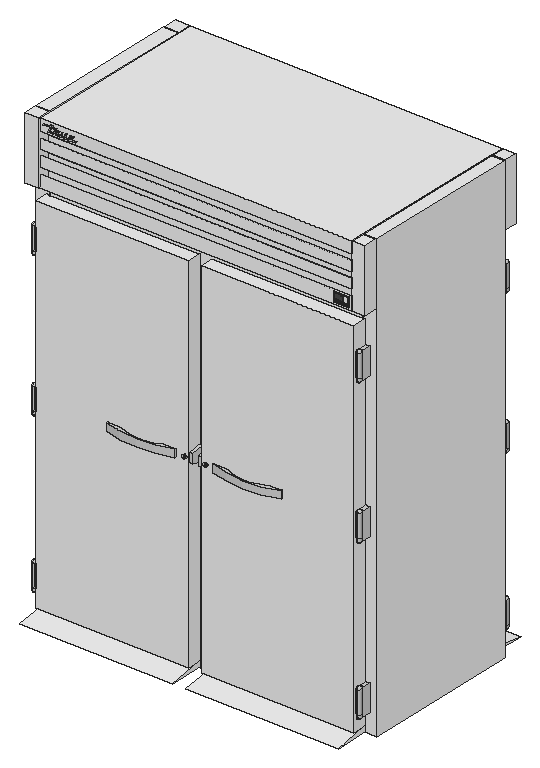
Revit family
Parameters
  Weight in Pounds = 0
  Watts = Volts * FL Amps  # 1092.5 W
  Volts = 115 V
  URL Cutsheet = "www.truemfg.com"
  URL = "www.truemfg.com"
  Type Mark [instance] = ""
  Type Comments = ""
  Status [instance] = ""
  Specification by User [instance] = ""
  Specification by Manufacturer = ""
  Show Logo [instance] = yes
  Show Clearance [instance] = yes
  Serial Number = ""
  Seismic Rating = ""
  SMACNA No = ""
  Revision Code [instance] = ""
  Phase = 1
  Omniclass Number and Title = ""
  Number of Poles [instance] = 1
  NAFEM Spec ID Number = ""
  Model = "STA2RRT89-2S-2S"
  Min Ckt Ampacity = 0 A
  Max Overcurrent Protection = 0 A
  Masterspec = ""
  Manufacturer = "TRUE FOOD SERVICE EQUIPMENT, INC."
  Length = 68"
  Item Number [instance] = ""
  Installed By [instance] = ""
  Identify Quantity as Lot [instance] = yes
  Height = 88 3/4"
  HP = "1/2"
  Furnished By [instance] = ""
  Foodservice Equipment Identifier [instance] = yes
  FL Amps = 9.5 A
  Electrical Remarks [instance] = ""
  Electric Connection Type [instance] = ""
  Elec Conn RI Height [instance] = 0"
  Elec Conn Connection Height [instance] = 0"
  Description = "Roll-thru Solid Swing Door Refrigerator"
  Depth = 37 1/2"
  Cycle = 60 Hz
  Conn Plug = "5-15P"
  Conn Conduit = yes
  CSI MasterFormat = ""
  CSI Master Format = ""
  Apparent Power = if(Phase = 3, Volts * FL Amps * 1.73, Volts * FL Amps)  # 1092.5 VA
Reference planes (in)
  plane 1 "BACK": y = 0
  plane 2: z = 0
  plane 3 "LEFT": x = 0
  plane 4 "RIGHT": x = 68
  plane 5 "FRONT": y = -37.5
  plane 6 "TOP": z = 88.75
  plane 7: x = 2.84375
  plane 8: y = -18.75
  plane 9: z = 73.75
  plane 10: y = -37.4542
  plane 11: y = -0.0458
  plane 12: x = 34
Forms (in)
  Extrusion 1, solid, material "QF_Finishes_Chrome - Satin"
    sketch origin (0.05, 0, 0) x (1, 0, 0) y (0, 1, 0)
      loop
        line (-0.05, -2.75) -> (-0.05, -34.75) -> (2.87859, -34.75) -> (2.87859, -2.75) -> (-0.05, -2.75)
    from 0 to 88.75
  Extrusion 2, solid, material "QF_Finishes_Chrome - Satin"
    sketch origin (83.15, 0, 0) x (1, 0, 0) y (0, 1, 0)
      loop
        line (-17.85, -2.75) -> (-17.85, -34.75) -> (-15.15, -34.75) -> (-15.15, -2.75) -> (-17.85, -2.75)
    from 0 to 88.75
  Extrusion 3, solid, material "QF_Finishes_Chrome - Satin"
    sketch origin (0, 0, 0) x (0, 1, 0) y (0, 0, 1)
      loop
        line (-37.4542, 76.28125) -> (-34.75, 76.28125) -> (-34.75, 0) -> (-2.75, 0) -> (-2.75, 76.28125) -> (-0.0458, 76.28125) -> (-0.0458, 78.81726) -> (-2.25, 77.25) -> (-2.25, 78.52557) -> (-0.0458, 80.09284) -> (-0.0458, 82.18904) -> (-2.25, 80.62178) -> (-2.25, 81.58254) -> (-0.0458, 83.1498) -> (-0.0458, 85.28351) -> (-2.25, 83.71625) -> (-2.25, 84.83852) -> (-0.0458, 86.40578) -> (-0.0458, 88.75) -> (-37.4542, 88.75) -> (-37.4542, 86.40578) -> (-35.25, 84.83852) -> (-35.25, 83.71625) -> (-37.4542, 85.28351) -> (-37.4542, 83.1498) -> (-35.25, 81.58254) -> (-35.25, 80.62178) -> (-37.4542, 82.18904) -> (-37.4542, 80.09284) -> (-35.25, 78.52557) -> (-35.25, 77.25) -> (-37.4542, 78.81726) -> (-37.4542, 76.28125)
    from 2.92859 to 65.3
  Extrusion 4, solid, material "QF_Finishes_Chrome - Satin"
    sketch origin (33, 0, 0) x (1, 0, 0) y (0, 1, 0)
      loop
        line (34.84782, -34.75) -> (32.3, -34.75) -> (32.3, -37.5) -> (34.84782, -37.5) -> (34.84782, -34.75)
      loop
        line (34.84782, -2.75) -> (34.84782, 0) -> (32.3, 0) -> (32.3, -2.75) -> (34.84782, -2.75)
    from 76.28125 to 88.75
  Extrusion 5, solid, material "QF_Finishes_Chrome - Satin"
    sketch origin (-50.125, 0, 0.25) x (1, 0, 0) y (0, 1, 0)
      loop
        line (53.05359, -34.75) -> (50.24109, -34.75) -> (50.24109, -37.5) -> (53.05359, -37.5) -> (53.05359, -34.75)
      loop
        line (53.05359, -2.75) -> (53.05359, 0) -> (50.24109, 0) -> (50.24109, -2.75) -> (53.05359, -2.75)
    from 76.03125 to 88.5
  Extrusion 6, solid, material "QF_Finishes_Chrome - Satin"
    sketch origin (-24.96875, -3.75, -0.71875) x (1, 0, 0) y (0, 0, 1)
      loop
        line (27.25, 1.71875) -> (57.65625, 1.71875) -> (57.65625, 74.46875) -> (27.25, 74.46875) -> (27.25, 1.71875)
      loop
        line (90.6875, 1.71875) -> (90.6875, 74.46875) -> (60.28125, 74.46875) -> (60.28125, 1.71875) -> (90.6875, 1.71875)
    from 31 to 33.75
  Extrusion 7, solid, material "QF_Finishes_Handrails and Railings"
    sketch origin (91.65625, -0.25, 26.93519) x (1, 0, 0) y (0, 1, 0)
      loop
        line (-53.875, -37.25) -> (-53.875, -37.45)
        arc (-53.875, -37.45) -> (-47.075, -38.65633) -> (-40.275, -37.45) r 19.7687
        line (-40.275, -37.45) -> (-40.275, -37.25) -> (-42.675, -37.25)
        arc (-42.675, -37.25) -> (-47.075, -38.40816) -> (-51.475, -37.25) r 8.93713
        line (-51.475, -37.25) -> (-53.875, -37.25)
    from 10.87731 to 12.37731
  Extrusion 8, solid, material "QF_Finishes_Handrails and Railings"
    sketch origin (9.65625, -3.83467, -1.5) x (1, 0, 0) y (0, 0, 1)
      loop
        circle (26.4375, 40.0625) r 0.35
      loop
        line (26.47265, 40.33635) -> (26.41715, 40.33635) -> (26.41715, 39.76895) -> (26.47265, 39.76895) -> (26.47265, 40.33635)
    from 33.5 to 33.83066
  Extrusion 9, solid, material "QF_Finishes_Handrails and Railings", visible <- "Show Logo"
    sketch origin (0.33478, -2.68623, 5.01857) x (1, 0, 0) y (0, 0, 1)
      loop
        line (3.46044, 83.08731) -> (3.35478, 82.86073) -> (4.76027, 82.86073)
        arc (4.76027, 82.86073) -> (4.78879, 82.81028) -> (4.76027, 82.75984) r 0.05887
        line (4.76027, 82.75984) -> (4.39369, 81.97372)
        arc (4.39369, 81.97372) -> (4.39051, 81.90091) -> (4.43975, 81.84717) r 0.09523
        line (4.43975, 81.84717) -> (5.33844, 81.84717)
        arc (5.33844, 81.84717) -> (5.45192, 81.88295) -> (5.52436, 81.97735) r 0.19785
        line (5.52436, 81.97735) -> (5.81285, 82.59601) -> (6.0779, 82.59601)
        arc (6.0779, 82.59601) -> (6.14744, 82.57043) -> (6.13737, 82.49703) r 0.05911
        line (6.13737, 82.49703) -> (5.89598, 81.97937)
        arc (5.89598, 81.97937) -> (5.89974, 81.8934) -> (5.97231, 81.84717) r 0.09318
        line (5.97231, 81.84717) -> (6.76198, 81.84717)
        arc (6.76198, 81.84717) -> (6.82249, 81.86919) -> (6.85468, 81.92495) r 0.09412
        arc (6.85468, 81.92495) -> (6.87746, 81.86995) -> (6.93246, 81.84717) r 0.07778
        line (6.93246, 81.84717) -> (7.43246, 81.84717)
        arc (7.43246, 81.84717) -> (7.49022, 81.86265) -> (7.53251, 81.90493) r 0.11552
        arc (7.53251, 81.90493) -> (7.55275, 81.85606) -> (7.60162, 81.83581) r 0.06912
        line (7.60162, 81.83581) -> (8.31225, 81.83581)
        arc (8.31225, 81.83581) -> (8.37034, 81.85988) -> (8.39441, 81.91797) r 0.08216
        arc (8.39441, 81.91797) -> (8.44767, 81.86472) -> (8.52042, 81.84522) r 0.14551
        line (8.52042, 81.84522) -> (9.85158, 81.84522) -> (9.99946, 82.10134) -> (8.65678, 82.10134)
        arc (8.65678, 82.10134) -> (8.61972, 82.12704) -> (8.61834, 82.17211) r 0.05009
        line (8.61834, 82.17211) -> (8.64157, 82.22192)
        arc (8.64157, 82.22192) -> (8.67723, 82.26864) -> (8.73327, 82.28635) r 0.09747
        line (8.73327, 82.28635) -> (9.16485, 82.28635)
        arc (9.16485, 82.28635) -> (9.258, 82.31131) -> (9.32619, 82.3795) r 0.1863
        line (9.32619, 82.3795) -> (9.45119, 82.59601)
        arc (9.45119, 82.59601) -> (9.45119, 82.71157) -> (9.35111, 82.76934) r 0.11556
        line (9.35111, 82.76934) -> (8.89562, 82.76934)
        arc (8.89562, 82.76934) -> (8.7795, 82.74962) -> (8.69849, 82.66412) r 0.18605
        line (8.69849, 82.66412) -> (8.48204, 82.19993)
        arc (8.48204, 82.19993) -> (8.41815, 82.11667) -> (8.31806, 82.08511) r 0.1745
        line (8.31806, 82.08511) -> (7.84559, 82.08511)
        arc (7.84559, 82.08511) -> (7.78903, 82.14684) -> (7.79268, 82.23048) r 0.10939
        line (7.79268, 82.23048) -> (8.04395, 82.76934) -> (7.88403, 82.76934) -> (7.61781, 82.19844)
        arc (7.61781, 82.19844) -> (7.56609, 82.13103) -> (7.48505, 82.10548) r 0.14128
        line (7.48505, 82.10548) -> (7.15925, 82.10548)
        arc (7.15925, 82.10548) -> (7.10419, 82.17723) -> (7.116, 82.26689) r 0.11816
        line (7.116, 82.26689) -> (7.3503, 82.76934) -> (7.18514, 82.76934) -> (6.91546, 82.191)
        arc (6.91546, 82.191) -> (6.85285, 82.12839) -> (6.76733, 82.10548) r 0.17104
        line (6.76733, 82.10548) -> (6.29555, 82.10548)
        arc (6.29555, 82.10548) -> (6.21082, 82.14499) -> (6.20267, 82.23813) r 0.0935
        line (6.20267, 82.23813) -> (6.35774, 82.57069) -> (6.57695, 82.57069)
        arc (6.57695, 82.57069) -> (6.61395, 82.68217) -> (6.69267, 82.76934) r 0.2857
        line (6.69267, 82.76934) -> (5.83605, 82.76934)
        arc (5.83605, 82.76934) -> (5.74086, 82.74824) -> (5.67498, 82.67635) r 0.16212
        line (5.67498, 82.67635) -> (5.44279, 82.17841)
        arc (5.44279, 82.17841) -> (5.3894, 82.12502) -> (5.31647, 82.10548) r 0.14586
        line (5.31647, 82.10548) -> (4.80506, 82.10548)
        arc (4.80506, 82.10548) -> (4.76514, 82.15942) -> (4.77274, 82.22609) r 0.09155
        line (4.77274, 82.22609) -> (5.11018, 82.86073) -> (5.96155, 82.86073) -> (6.06721, 83.08731) -> (5.21584, 83.08731) -> (5.32149, 83.31388) -> (5.01862, 83.31388) -> (4.91297, 83.08731) -> (3.46044, 83.08731)
      loop
        arc (8.83805, 82.56363) -> (8.80119, 82.55375) -> (8.7742, 82.52676) r 0.07373
        line (8.7742, 82.52676) -> (8.75229, 82.45936)
        arc (8.75229, 82.45936) -> (8.76245, 82.43483) -> (8.78699, 82.42466) r 0.0347
        line (8.78699, 82.42466) -> (9.15948, 82.42466)
        arc (9.15948, 82.42466) -> (9.18632, 82.43061) -> (9.20812, 82.44734) r 0.0635
        line (9.20812, 82.44734) -> (9.22624, 82.53122)
        arc (9.22624, 82.53122) -> (9.22091, 82.55368) -> (9.20009, 82.56363) r 0.02676
        line (9.20009, 82.56363) -> (8.83805, 82.56363)
    from 34.76797 to 34.83173
  Extrusion 10, solid, material "QF_Finishes_White"
    sketch origin (10.81438, -2.7042, -7.94372) x (1, 0, 0) y (0, 0, 1)
      loop
        line (50.81732, 86.35727) -> (50.81732, 84.60996) -> (53.72357, 84.60996) -> (53.72357, 86.35727) -> (50.81732, 86.35727)
    from 34.75 to 34.76797
  Extrusion 11, solid, material "QF_Finishes_Black"
    sketch origin (10.81438, -2.7042, -7.94372) x (1, 0, 0) y (0, 0, 1)
      loop
        line (53.78607, 86.41977) -> (50.75482, 86.41977) -> (50.75482, 84.54746) -> (53.78607, 84.54746) -> (53.78607, 86.41977)
      loop
        spline (50.95482, 84.87872) -> (50.96333, 84.86254) -> (50.98831, 84.84747) -> (51.02804, 84.83452) -> (51.07982, 84.82459) -> (51.14011, 84.81835) -> (51.20482, 84.81622) -> (51.26952, 84.81835) -> (51.32982, 84.82459) -> (51.38159, 84.83452) -> (51.42132, 84.84747) -> (51.4463, 84.86254) -> (51.45482, 84.87872)
        spline (51.45482, 84.87872) -> (51.4463, 84.89489) -> (51.42132, 84.90997) -> (51.38159, 84.92291) -> (51.32982, 84.93284) -> (51.26952, 84.93909) -> (51.20482, 84.94122) -> (51.14011, 84.93909) -> (51.07982, 84.93284) -> (51.02804, 84.92291) -> (50.98831, 84.90997) -> (50.96333, 84.89489) -> (50.95482, 84.87872)
      loop
        spline (51.65083, 84.87872) -> (51.65935, 84.86254) -> (51.68432, 84.84747) -> (51.72405, 84.83452) -> (51.77583, 84.82459) -> (51.83612, 84.81835) -> (51.90083, 84.81622) -> (51.96553, 84.81835) -> (52.02583, 84.82459) -> (52.07761, 84.83452) -> (52.11734, 84.84747) -> (52.14231, 84.86254) -> (52.15083, 84.87872)
        spline (52.15083, 84.87872) -> (52.14231, 84.89489) -> (52.11734, 84.90997) -> (52.07761, 84.92291) -> (52.02583, 84.93284) -> (51.96553, 84.93909) -> (51.90083, 84.94122) -> (51.83612, 84.93909) -> (51.77583, 84.93284) -> (51.72405, 84.92291) -> (51.68432, 84.90997) -> (51.65935, 84.89489) -> (51.65083, 84.87872)
      loop
        spline (52.40083, 84.87872) -> (52.40935, 84.86254) -> (52.43432, 84.84747) -> (52.47405, 84.83452) -> (52.52583, 84.82459) -> (52.58612, 84.81835) -> (52.65083, 84.81622) -> (52.71553, 84.81835) -> (52.77583, 84.82459) -> (52.82761, 84.83452) -> (52.86734, 84.84747) -> (52.89231, 84.86254) -> (52.90083, 84.87872)
        spline (52.90083, 84.87872) -> (52.89231, 84.89489) -> (52.86734, 84.90997) -> (52.82761, 84.92291) -> (52.77583, 84.93284) -> (52.71553, 84.93909) -> (52.65083, 84.94122) -> (52.58612, 84.93909) -> (52.52583, 84.93284) -> (52.47405, 84.92291) -> (52.43432, 84.90997) -> (52.40935, 84.89489) -> (52.40083, 84.87872)
      loop
        line (50.95481, 86.21978) -> (50.95481, 85.21978) -> (52.65433, 85.21978) -> (52.65433, 86.21978) -> (50.95481, 86.21978)
      loop
        line (53.72357, 86.35727) -> (50.81732, 86.35727) -> (50.81732, 84.60996) -> (53.72357, 84.60996) -> (53.72357, 86.35727)
      loop
        spline (53.15083, 84.87872) -> (53.15935, 84.86254) -> (53.18432, 84.84747) -> (53.22405, 84.83452) -> (53.27583, 84.82459) -> (53.33612, 84.81835) -> (53.40083, 84.81622) -> (53.46553, 84.81835) -> (53.52583, 84.82459) -> (53.57761, 84.83452) -> (53.61734, 84.84747) -> (53.64231, 84.86254) -> (53.65083, 84.87872)
        spline (53.65083, 84.87872) -> (53.64231, 84.89489) -> (53.61734, 84.90997) -> (53.57761, 84.92291) -> (53.52583, 84.93284) -> (53.46553, 84.93909) -> (53.40083, 84.94122) -> (53.33612, 84.93909) -> (53.27583, 84.93284) -> (53.22405, 84.92291) -> (53.18432, 84.90997) -> (53.15935, 84.89489) -> (53.15083, 84.87872)
    from 34.76797 to 34.80335
  Extrusion 12, solid
    sketch origin (9.125, 0, 0) x (1, 0, 0) y (0, 0, 1)
      loop
        circle (56.875, 86.625) r 0.25
    from 0 to 0.0625
  Blend 13, solid, material "QF_Finishes_Handrails and Railings"
    base sketch origin (60.5625, -3.75, 0.5) x (-1, 0, 0) y (0, 0, -1)
      loop
        line (25.25, -38.99169) -> (26, -38.99169) -> (26, -37.24169) -> (25.25, -37.24169) -> (25.25, -38.99169)
    top sketch origin (60.5625, 0, 0.5) x (-1, 0, 0) y (0, 0, -1)
      loop
        line (26.18223, -36.6441) -> (25.25, -36.6441) -> (25.25, -39.42643) -> (26.18223, -39.42643) -> (26.18223, -36.6441)
    from 33.57883 to 34.75
  Extrusion 14, solid, material "QF_Finishes_Handrails and Railings"
    sketch origin (66.8125, 0, 0) x (0, 1, 0) y (0, 0, -1)
      loop
        line (-34.75, -69.17729) -> (-34.75, -63.86127) -> (-37, -63.86127) -> (-37, -64.57348) -> (-36.56497, -64.57348) -> (-36.56497, -68.97276)
        arc (-36.56497, -68.97276) -> (-36.50506, -69.11738) -> (-36.36044, -69.17729) r 0.20453
        line (-36.36044, -69.17729) -> (-34.75, -69.17729)
    from 0.17506 to 1
  Revolve 15, solid, material "QF_Finishes_Handrails and Railings"
    sketch origin (66.3125, 0, 0) x (0, 1, 0) y (0, 0, -1)
      loop
        line (-37.01563, -64.62689) -> (-37.42229, -64.62689) -> (-37.42229, -69.0986)
        arc (-37.42229, -69.0986) -> (-37.28722, -69.35057) -> (-37.01563, -69.43983) r 0.3848
        line (-37.01563, -69.43983) -> (-37.01563, -64.62689)
      loop
        line (-37.01563, -64.57348) -> (-37.01563, -63.67281)
        arc (-37.01563, -63.67281) -> (-37.28264, -63.75883) -> (-37.42229, -64.00212) r 0.38884
        line (-37.42229, -64.00212) -> (-37.42229, -64.57348) -> (-37.01563, -64.57348)
      axis (-37.01563, -63.67281) -> (-37.01563, -69.43983)
    angle from 0 to 360
  Extrusion 16, solid, material "QF_Finishes_Handrails and Railings"
    sketch origin (60.53125, -3.82734, 0.0011) x (-1, 0, 0) y (0, 0, -1)
      loop
        line (-5.58509, -69.0986) -> (-5.1875, -69.0986) -> (-5.1875, -64.62579) -> (-5.58509, -64.62579) -> (-5.58509, -69.0986)
    from 32.81497 to 33.59495
  Extrusion 17, solid, material "QF_Finishes_Handrails and Railings"
    sketch origin (66.8125, 0, -24) x (0, 1, 0) y (0, 0, -1)
      loop
        line (-34.75, -64.55229) -> (-34.75, -59.23627) -> (-37, -59.23627) -> (-37, -59.94848) -> (-36.56497, -59.94848) -> (-36.56497, -64.34776)
        arc (-36.56497, -64.34776) -> (-36.50506, -64.49238) -> (-36.36044, -64.55229) r 0.20453
        line (-36.36044, -64.55229) -> (-34.75, -64.55229)
    from 0.17506 to 1
  Revolve 18, solid, material "QF_Finishes_Handrails and Railings"
    sketch origin (66.3125, 0, -24) x (0, 1, 0) y (0, 0, -1)
      loop
        line (-37.01563, -60.00189) -> (-37.42229, -60.00189) -> (-37.42229, -64.4736)
        arc (-37.42229, -64.4736) -> (-37.28722, -64.72557) -> (-37.01563, -64.81483) r 0.3848
        line (-37.01563, -64.81483) -> (-37.01563, -60.00189)
      loop
        line (-37.01563, -59.94848) -> (-37.01563, -59.04781)
        arc (-37.01563, -59.04781) -> (-37.28264, -59.13383) -> (-37.42229, -59.37712) r 0.38884
        line (-37.42229, -59.37712) -> (-37.42229, -59.94848) -> (-37.01563, -59.94848)
      axis (-37.01563, -59.04781) -> (-37.01563, -64.81483)
    angle from 0 to 360
  Extrusion 19, solid, material "QF_Finishes_Handrails and Railings"
    sketch origin (60.53125, -3.82734, -23.9989) x (-1, 0, 0) y (0, 0, -1)
      loop
        line (-5.58509, -64.4736) -> (-5.1875, -64.4736) -> (-5.1875, -60.00079) -> (-5.58509, -60.00079) -> (-5.58509, -64.4736)
    from 32.81497 to 33.59495
  Extrusion 20, solid, material "QF_Finishes_Handrails and Railings"
    sketch origin (66.8125, 0, -55.5) x (0, 1, 0) y (0, 0, -1)
      loop
        line (-34.75, -64.55229) -> (-34.75, -59.23627) -> (-37, -59.23627) -> (-37, -59.94848) -> (-36.56497, -59.94848) -> (-36.56497, -64.34776)
        arc (-36.56497, -64.34776) -> (-36.50506, -64.49238) -> (-36.36044, -64.55229) r 0.20453
        line (-36.36044, -64.55229) -> (-34.75, -64.55229)
    from 0.17506 to 1
  Revolve 21, solid, material "QF_Finishes_Handrails and Railings"
    sketch origin (66.3125, 0, -55.5) x (0, 1, 0) y (0, 0, -1)
      loop
        line (-37.01563, -60.00189) -> (-37.42229, -60.00189) -> (-37.42229, -64.4736)
        arc (-37.42229, -64.4736) -> (-37.28722, -64.72557) -> (-37.01563, -64.81483) r 0.3848
        line (-37.01563, -64.81483) -> (-37.01563, -60.00189)
      loop
        line (-37.01563, -59.94848) -> (-37.01563, -59.04781)
        arc (-37.01563, -59.04781) -> (-37.28264, -59.13383) -> (-37.42229, -59.37712) r 0.38884
        line (-37.42229, -59.37712) -> (-37.42229, -59.94848) -> (-37.01563, -59.94848)
      axis (-37.01563, -59.04781) -> (-37.01563, -64.81483)
    angle from 0 to 360
  Extrusion 22, solid, material "QF_Finishes_Handrails and Railings"
    sketch origin (60.53125, -3.82734, -55.4989) x (-1, 0, 0) y (0, 0, -1)
      loop
        line (-5.58509, -64.4736) -> (-5.1875, -64.4736) -> (-5.1875, -60.00079) -> (-5.58509, -60.00079) -> (-5.58509, -64.4736)
    from 32.81497 to 33.59495
  Extrusion 23, solid, material "QF_Finishes_Door Clearance", visible <- "Show Clearance", detail levels coarse
    sketch origin (26.42841, -3.6098, 0) x (1, 0, 0) y (0, 1, 0)
      loop
        line (-24.14716, -33.8902) -> (-24.14716, -64.29645)
        arc (-24.14716, -64.29645) -> (-2.64669, -55.39067) -> (6.25909, -33.8902) r 30.40625
        line (6.25909, -33.8902) -> (-24.14716, -33.8902)
      loop
        line (39.29034, -33.8902) -> (8.88409, -33.8902)
        arc (8.88409, -33.8902) -> (17.78987, -55.39067) -> (39.29034, -64.29645) r 30.40625
        line (39.29034, -64.29645) -> (39.29034, -33.8902)
    from 1 to 73.75
  Extrusion 24, solid, material "QF_Finishes_Chrome - Satin"
    sketch origin (32.6875, -3.75, 1) x (0, 0, 1) y (0, -1, 0)
      loop
        line (-1, 37.6875) -> (-1, 31) -> (0, 31) -> (-1, 37.6875)
    from 0 to -30.40625
  Extrusion 25, solid, material "QF_Finishes_Handrails and Railings"
    sketch origin (-23.65625, -0.25, 26.93519) x (1, 0, 0) y (0, 1, 0)
      loop
        line (53.875, -37.25) -> (51.475, -37.25)
        arc (51.475, -37.25) -> (47.075, -38.40816) -> (42.675, -37.25) r 8.93713
        line (42.675, -37.25) -> (40.275, -37.25) -> (40.275, -37.45)
        arc (40.275, -37.45) -> (47.075, -38.65633) -> (53.875, -37.45) r 19.7687
        line (53.875, -37.45) -> (53.875, -37.25)
    from 10.87731 to 12.37731
  Extrusion 26, solid, material "QF_Finishes_Handrails and Railings"
    sketch origin (58.34375, -3.83467, -1.5) x (-1, 0, 0) y (0, 0, -1)
      loop
        circle (26.4375, -40.0625) r 0.35
      loop
        line (26.47265, -40.33635) -> (26.47265, -39.76895) -> (26.41715, -39.76895) -> (26.41715, -40.33635) -> (26.47265, -40.33635)
    from 33.5 to 33.83066
  Blend 27, solid, material "QF_Finishes_Handrails and Railings"
    base sketch origin (7.4375, -3.75, 0.5) x (1, 0, 0) y (0, 0, 1)
      loop
        line (25.25, 38.99169) -> (25.25, 37.24169) -> (26, 37.24169) -> (26, 38.99169) -> (25.25, 38.99169)
    top sketch origin (7.4375, 0, 0.5) x (1, 0, 0) y (0, 0, 1)
      loop
        line (26.18223, 36.6441) -> (26.18223, 39.42643) -> (25.25, 39.42643) -> (25.25, 36.6441) -> (26.18223, 36.6441)
    from 33.57883 to 34.75
  Extrusion 28, solid, material "QF_Finishes_Handrails and Railings"
    sketch origin (1.1875, 0, 0) x (0, 1, 0) y (0, 0, 1)
      loop
        line (-34.75, 69.17729) -> (-36.36044, 69.17729)
        arc (-36.36044, 69.17729) -> (-36.50506, 69.11738) -> (-36.56497, 68.97276) r 0.20453
        line (-36.56497, 68.97276) -> (-36.56497, 64.57348) -> (-37, 64.57348) -> (-37, 63.86127) -> (-34.75, 63.86127) -> (-34.75, 69.17729)
    from 0.17506 to 1
  Revolve 29, solid, material "QF_Finishes_Handrails and Railings"
    sketch origin (1.6875, 0, 0) x (0, 1, 0) y (0, 0, 1)
      loop
        line (-37.01563, 64.62689) -> (-37.01563, 69.43983)
        arc (-37.01563, 69.43983) -> (-37.28722, 69.35057) -> (-37.42229, 69.0986) r 0.3848
        line (-37.42229, 69.0986) -> (-37.42229, 64.62689) -> (-37.01563, 64.62689)
      loop
        line (-37.01563, 64.57348) -> (-37.42229, 64.57348) -> (-37.42229, 64.00212)
        arc (-37.42229, 64.00212) -> (-37.28264, 63.75883) -> (-37.01563, 63.67281) r 0.38884
        line (-37.01563, 63.67281) -> (-37.01563, 64.57348)
      axis (-37.01563, 63.67281) -> (-37.01563, 69.43983)
    angle from 0 to 360
  Extrusion 30, solid, material "QF_Finishes_Handrails and Railings"
    sketch origin (7.46875, -3.82734, 0.0011) x (1, 0, 0) y (0, 0, 1)
      loop
        line (-5.58509, 69.0986) -> (-5.58509, 64.62579) -> (-5.1875, 64.62579) -> (-5.1875, 69.0986) -> (-5.58509, 69.0986)
    from 32.81497 to 33.59495
  Extrusion 31, solid, material "QF_Finishes_Handrails and Railings"
    sketch origin (1.1875, 0, -24) x (0, 1, 0) y (0, 0, 1)
      loop
        line (-34.75, 64.55229) -> (-36.36044, 64.55229)
        arc (-36.36044, 64.55229) -> (-36.50506, 64.49238) -> (-36.56497, 64.34776) r 0.20453
        line (-36.56497, 64.34776) -> (-36.56497, 59.94848) -> (-37, 59.94848) -> (-37, 59.23627) -> (-34.75, 59.23627) -> (-34.75, 64.55229)
    from 0.17506 to 1
  Revolve 32, solid, material "QF_Finishes_Handrails and Railings"
    sketch origin (1.6875, 0, -24) x (0, 1, 0) y (0, 0, 1)
      loop
        line (-37.01563, 60.00189) -> (-37.01563, 64.81483)
        arc (-37.01563, 64.81483) -> (-37.28722, 64.72557) -> (-37.42229, 64.4736) r 0.3848
        line (-37.42229, 64.4736) -> (-37.42229, 60.00189) -> (-37.01563, 60.00189)
      loop
        line (-37.01563, 59.94848) -> (-37.42229, 59.94848) -> (-37.42229, 59.37712)
        arc (-37.42229, 59.37712) -> (-37.28264, 59.13383) -> (-37.01563, 59.04781) r 0.38884
        line (-37.01563, 59.04781) -> (-37.01563, 59.94848)
      axis (-37.01563, 59.04781) -> (-37.01563, 64.81483)
    angle from 0 to 360
  Extrusion 33, solid, material "QF_Finishes_Handrails and Railings"
    sketch origin (7.46875, -3.82734, -23.9989) x (1, 0, 0) y (0, 0, 1)
      loop
        line (-5.58509, 64.4736) -> (-5.58509, 60.00079) -> (-5.1875, 60.00079) -> (-5.1875, 64.4736) -> (-5.58509, 64.4736)
    from 32.81497 to 33.59495
  Extrusion 34, solid, material "QF_Finishes_Handrails and Railings"
    sketch origin (1.1875, 0, -55.5) x (0, 1, 0) y (0, 0, 1)
      loop
        line (-34.75, 64.55229) -> (-36.36044, 64.55229)
        arc (-36.36044, 64.55229) -> (-36.50506, 64.49238) -> (-36.56497, 64.34776) r 0.20453
        line (-36.56497, 64.34776) -> (-36.56497, 59.94848) -> (-37, 59.94848) -> (-37, 59.23627) -> (-34.75, 59.23627) -> (-34.75, 64.55229)
    from 0.17506 to 1
  Revolve 35, solid, material "QF_Finishes_Handrails and Railings"
    sketch origin (1.6875, 0, -55.5) x (0, 1, 0) y (0, 0, 1)
      loop
        line (-37.01563, 60.00189) -> (-37.01563, 64.81483)
        arc (-37.01563, 64.81483) -> (-37.28722, 64.72557) -> (-37.42229, 64.4736) r 0.3848
        line (-37.42229, 64.4736) -> (-37.42229, 60.00189) -> (-37.01563, 60.00189)
      loop
        line (-37.01563, 59.94848) -> (-37.42229, 59.94848) -> (-37.42229, 59.37712)
        arc (-37.42229, 59.37712) -> (-37.28264, 59.13383) -> (-37.01563, 59.04781) r 0.38884
        line (-37.01563, 59.04781) -> (-37.01563, 59.94848)
      axis (-37.01563, 59.04781) -> (-37.01563, 64.81483)
    angle from 0 to 360
  Extrusion 36, solid, material "QF_Finishes_Handrails and Railings"
    sketch origin (7.46875, -3.82734, -55.4989) x (1, 0, 0) y (0, 0, 1)
      loop
        line (-5.58509, 64.4736) -> (-5.58509, 60.00079) -> (-5.1875, 60.00079) -> (-5.1875, 64.4736) -> (-5.58509, 64.4736)
    from 32.81497 to 33.59495
  Extrusion 37, solid, material "QF_Finishes_Chrome - Satin"
    sketch origin (35.3125, -3.75, 1) x (0, 0, 1) y (0, 1, 0)
      loop
        line (-1, -37.6875) -> (0, -31) -> (-1, -31) -> (-1, -37.6875)
    from 0 to -30.40625
  Extrusion 38, solid, material "QF_Finishes_Chrome - Satin"
    sketch origin (-24.96875, -33.75, -0.71875) x (1, 0, 0) y (0, 0, -1)
      loop
        line (27.25, -1.71875) -> (27.25, -74.46875) -> (57.65625, -74.46875) -> (57.65625, -1.71875) -> (27.25, -1.71875)
      loop
        line (90.6875, -1.71875) -> (60.28125, -1.71875) -> (60.28125, -74.46875) -> (90.6875, -74.46875) -> (90.6875, -1.71875)
    from 31 to 33.75
  Extrusion 39, solid, material "QF_Finishes_Handrails and Railings"
    sketch origin (91.65625, -37.25, 26.93519) x (-1, 0, 0) y (0, -1, 0)
      loop
        line (53.875, -37.25) -> (51.475, -37.25)
        arc (51.475, -37.25) -> (47.075, -38.40816) -> (42.675, -37.25) r 8.93713
        line (42.675, -37.25) -> (40.275, -37.25) -> (40.275, -37.45)
        arc (40.275, -37.45) -> (47.075, -38.65633) -> (53.875, -37.45) r 19.7687
        line (53.875, -37.45) -> (53.875, -37.25)
    from 10.87731 to 12.37731
  Extrusion 40, solid, material "QF_Finishes_Handrails and Railings"
    sketch origin (9.65625, -33.66533, -1.5) x (1, 0, 0) y (0, 0, -1)
      loop
        circle (26.4375, -40.0625) r 0.35
      loop
        line (26.47265, -40.33635) -> (26.47265, -39.76895) -> (26.41715, -39.76895) -> (26.41715, -40.33635) -> (26.47265, -40.33635)
    from 33.5 to 33.83066
  Blend 41, solid, material "QF_Finishes_Handrails and Railings"
    base sketch origin (60.5625, -33.75, 0.5) x (-1, 0, 0) y (0, 0, 1)
      loop
        line (25.25, 38.99169) -> (25.25, 37.24169) -> (26, 37.24169) -> (26, 38.99169) -> (25.25, 38.99169)
    top sketch origin (60.5625, -37.5, 0.5) x (-1, 0, 0) y (0, 0, 1)
      loop
        line (26.18223, 36.6441) -> (26.18223, 39.42643) -> (25.25, 39.42643) -> (25.25, 36.6441) -> (26.18223, 36.6441)
    from 33.57883 to 34.75
  Extrusion 42, solid, material "QF_Finishes_Handrails and Railings"
    sketch origin (66.8125, -37.5, 0) x (0, -1, 0) y (0, 0, 1)
      loop
        line (-34.75, 69.17729) -> (-36.36044, 69.17729)
        arc (-36.36044, 69.17729) -> (-36.50506, 69.11738) -> (-36.56497, 68.97276) r 0.20453
        line (-36.56497, 68.97276) -> (-36.56497, 64.57348) -> (-37, 64.57348) -> (-37, 63.86127) -> (-34.75, 63.86127) -> (-34.75, 69.17729)
    from 0.17506 to 1
  Revolve 43, solid, material "QF_Finishes_Handrails and Railings"
    sketch origin (66.3125, -37.5, 0) x (0, -1, 0) y (0, 0, 1)
      loop
        line (-37.01563, 64.62689) -> (-37.01563, 69.43983)
        arc (-37.01563, 69.43983) -> (-37.28722, 69.35057) -> (-37.42229, 69.0986) r 0.3848
        line (-37.42229, 69.0986) -> (-37.42229, 64.62689) -> (-37.01563, 64.62689)
      loop
        line (-37.01563, 64.57348) -> (-37.42229, 64.57348) -> (-37.42229, 64.00212)
        arc (-37.42229, 64.00212) -> (-37.28264, 63.75883) -> (-37.01563, 63.67281) r 0.38884
        line (-37.01563, 63.67281) -> (-37.01563, 64.57348)
      axis (-37.01563, 63.67281) -> (-37.01563, 69.43983)
    angle from 0 to 360
  Extrusion 44, solid, material "QF_Finishes_Handrails and Railings"
    sketch origin (60.53125, -33.67266, 0.0011) x (-1, 0, 0) y (0, 0, 1)
      loop
        line (-5.58509, 69.0986) -> (-5.58509, 64.62579) -> (-5.1875, 64.62579) -> (-5.1875, 69.0986) -> (-5.58509, 69.0986)
    from 32.81497 to 33.59495
  Extrusion 45, solid, material "QF_Finishes_Handrails and Railings"
    sketch origin (66.8125, -37.5, -24) x (0, -1, 0) y (0, 0, 1)
      loop
        line (-34.75, 64.55229) -> (-36.36044, 64.55229)
        arc (-36.36044, 64.55229) -> (-36.50506, 64.49238) -> (-36.56497, 64.34776) r 0.20453
        line (-36.56497, 64.34776) -> (-36.56497, 59.94848) -> (-37, 59.94848) -> (-37, 59.23627) -> (-34.75, 59.23627) -> (-34.75, 64.55229)
    from 0.17506 to 1
  Revolve 46, solid, material "QF_Finishes_Handrails and Railings"
    sketch origin (66.3125, -37.5, -24) x (0, -1, 0) y (0, 0, 1)
      loop
        line (-37.01563, 60.00189) -> (-37.01563, 64.81483)
        arc (-37.01563, 64.81483) -> (-37.28722, 64.72557) -> (-37.42229, 64.4736) r 0.3848
        line (-37.42229, 64.4736) -> (-37.42229, 60.00189) -> (-37.01563, 60.00189)
      loop
        line (-37.01563, 59.94848) -> (-37.42229, 59.94848) -> (-37.42229, 59.37712)
        arc (-37.42229, 59.37712) -> (-37.28264, 59.13383) -> (-37.01563, 59.04781) r 0.38884
        line (-37.01563, 59.04781) -> (-37.01563, 59.94848)
      axis (-37.01563, 59.04781) -> (-37.01563, 64.81483)
    angle from 0 to 360
  Extrusion 47, solid, material "QF_Finishes_Handrails and Railings"
    sketch origin (60.53125, -33.67266, -23.9989) x (-1, 0, 0) y (0, 0, 1)
      loop
        line (-5.58509, 64.4736) -> (-5.58509, 60.00079) -> (-5.1875, 60.00079) -> (-5.1875, 64.4736) -> (-5.58509, 64.4736)
    from 32.81497 to 33.59495
  Extrusion 48, solid, material "QF_Finishes_Handrails and Railings"
    sketch origin (66.8125, -37.5, -55.5) x (0, -1, 0) y (0, 0, 1)
      loop
        line (-34.75, 64.55229) -> (-36.36044, 64.55229)
        arc (-36.36044, 64.55229) -> (-36.50506, 64.49238) -> (-36.56497, 64.34776) r 0.20453
        line (-36.56497, 64.34776) -> (-36.56497, 59.94848) -> (-37, 59.94848) -> (-37, 59.23627) -> (-34.75, 59.23627) -> (-34.75, 64.55229)
    from 0.17506 to 1
  Revolve 49, solid, material "QF_Finishes_Handrails and Railings"
    sketch origin (66.3125, -37.5, -55.5) x (0, -1, 0) y (0, 0, 1)
      loop
        line (-37.01563, 60.00189) -> (-37.01563, 64.81483)
        arc (-37.01563, 64.81483) -> (-37.28722, 64.72557) -> (-37.42229, 64.4736) r 0.3848
        line (-37.42229, 64.4736) -> (-37.42229, 60.00189) -> (-37.01563, 60.00189)
      loop
        line (-37.01563, 59.94848) -> (-37.42229, 59.94848) -> (-37.42229, 59.37712)
        arc (-37.42229, 59.37712) -> (-37.28264, 59.13383) -> (-37.01563, 59.04781) r 0.38884
        line (-37.01563, 59.04781) -> (-37.01563, 59.94848)
      axis (-37.01563, 59.04781) -> (-37.01563, 64.81483)
    angle from 0 to 360
  Extrusion 50, solid, material "QF_Finishes_Handrails and Railings"
    sketch origin (60.53125, -33.67266, -55.4989) x (-1, 0, 0) y (0, 0, 1)
      loop
        line (-5.58509, 64.4736) -> (-5.58509, 60.00079) -> (-5.1875, 60.00079) -> (-5.1875, 64.4736) -> (-5.58509, 64.4736)
    from 32.81497 to 33.59495
  Extrusion 51, solid, material "QF_Finishes_Door Clearance", visible <- "Show Clearance", detail levels coarse
    sketch origin (26.42841, -33.8902, 0) x (1, 0, 0) y (0, 1, 0)
      loop
        line (-24.14716, 33.8902) -> (6.25909, 33.8902)
        arc (6.25909, 33.8902) -> (-2.64669, 55.39067) -> (-24.14716, 64.29645) r 30.40625
        line (-24.14716, 64.29645) -> (-24.14716, 33.8902)
      loop
        line (39.29034, 33.8902) -> (39.29034, 64.29645)
        arc (39.29034, 64.29645) -> (17.78987, 55.39067) -> (8.88409, 33.8902) r 30.40625
        line (8.88409, 33.8902) -> (39.29034, 33.8902)
    from 1 to 73.75
  Extrusion 52, solid, material "QF_Finishes_Chrome - Satin"
    sketch origin (32.6875, -33.75, 1) x (0, 0, 1) y (0, -1, 0)
      loop
        line (-1, -37.6875) -> (0, -31) -> (-1, -31) -> (-1, -37.6875)
    from 0 to -30.40625
  Extrusion 53, solid, material "QF_Finishes_Handrails and Railings"
    sketch origin (-23.65625, -37.25, 26.93519) x (-1, 0, 0) y (0, -1, 0)
      loop
        line (-53.875, -37.25) -> (-53.875, -37.45)
        arc (-53.875, -37.45) -> (-47.075, -38.65633) -> (-40.275, -37.45) r 19.7687
        line (-40.275, -37.45) -> (-40.275, -37.25) -> (-42.675, -37.25)
        arc (-42.675, -37.25) -> (-47.075, -38.40816) -> (-51.475, -37.25) r 8.93713
        line (-51.475, -37.25) -> (-53.875, -37.25)
    from 10.87731 to 12.37731
  Extrusion 54, solid, material "QF_Finishes_Handrails and Railings"
    sketch origin (58.34375, -33.66533, -1.5) x (-1, 0, 0) y (0, 0, 1)
      loop
        circle (26.4375, 40.0625) r 0.35
      loop
        line (26.47265, 40.33635) -> (26.41715, 40.33635) -> (26.41715, 39.76895) -> (26.47265, 39.76895) -> (26.47265, 40.33635)
    from 33.5 to 33.83066
  Blend 55, solid, material "QF_Finishes_Handrails and Railings"
    base sketch origin (7.4375, -33.75, 0.5) x (1, 0, 0) y (0, 0, -1)
      loop
        line (25.25, -38.99169) -> (26, -38.99169) -> (26, -37.24169) -> (25.25, -37.24169) -> (25.25, -38.99169)
    top sketch origin (7.4375, -37.5, 0.5) x (1, 0, 0) y (0, 0, -1)
      loop
        line (26.18223, -36.6441) -> (25.25, -36.6441) -> (25.25, -39.42643) -> (26.18223, -39.42643) -> (26.18223, -36.6441)
    from 33.57883 to 34.75
  Extrusion 56, solid, material "QF_Finishes_Handrails and Railings"
    sketch origin (1.1875, -37.5, 0) x (0, -1, 0) y (0, 0, -1)
      loop
        line (-34.75, -69.17729) -> (-34.75, -63.86127) -> (-37, -63.86127) -> (-37, -64.57348) -> (-36.56497, -64.57348) -> (-36.56497, -68.97276)
        arc (-36.56497, -68.97276) -> (-36.50506, -69.11738) -> (-36.36044, -69.17729) r 0.20453
        line (-36.36044, -69.17729) -> (-34.75, -69.17729)
    from 0.17506 to 1
  Revolve 57, solid, material "QF_Finishes_Handrails and Railings"
    sketch origin (1.6875, -37.5, 0) x (0, -1, 0) y (0, 0, -1)
      loop
        line (-37.01563, -64.62689) -> (-37.42229, -64.62689) -> (-37.42229, -69.0986)
        arc (-37.42229, -69.0986) -> (-37.28722, -69.35057) -> (-37.01563, -69.43983) r 0.3848
        line (-37.01563, -69.43983) -> (-37.01563, -64.62689)
      loop
        line (-37.01563, -64.57348) -> (-37.01563, -63.67281)
        arc (-37.01563, -63.67281) -> (-37.28264, -63.75883) -> (-37.42229, -64.00212) r 0.38884
        line (-37.42229, -64.00212) -> (-37.42229, -64.57348) -> (-37.01563, -64.57348)
      axis (-37.01563, -63.67281) -> (-37.01563, -69.43983)
    angle from 0 to 360
  Extrusion 58, solid, material "QF_Finishes_Handrails and Railings"
    sketch origin (7.46875, -33.67266, 0.0011) x (1, 0, 0) y (0, 0, -1)
      loop
        line (-5.58509, -69.0986) -> (-5.1875, -69.0986) -> (-5.1875, -64.62579) -> (-5.58509, -64.62579) -> (-5.58509, -69.0986)
    from 32.81497 to 33.59495
  Extrusion 59, solid, material "QF_Finishes_Handrails and Railings"
    sketch origin (1.1875, -37.5, -24) x (0, -1, 0) y (0, 0, -1)
      loop
        line (-34.75, -64.55229) -> (-34.75, -59.23627) -> (-37, -59.23627) -> (-37, -59.94848) -> (-36.56497, -59.94848) -> (-36.56497, -64.34776)
        arc (-36.56497, -64.34776) -> (-36.50506, -64.49238) -> (-36.36044, -64.55229) r 0.20453
        line (-36.36044, -64.55229) -> (-34.75, -64.55229)
    from 0.17506 to 1
  Revolve 60, solid, material "QF_Finishes_Handrails and Railings"
    sketch origin (1.6875, -37.5, -24) x (0, -1, 0) y (0, 0, -1)
      loop
        line (-37.01563, -60.00189) -> (-37.42229, -60.00189) -> (-37.42229, -64.4736)
        arc (-37.42229, -64.4736) -> (-37.28722, -64.72557) -> (-37.01563, -64.81483) r 0.3848
        line (-37.01563, -64.81483) -> (-37.01563, -60.00189)
      loop
        line (-37.01563, -59.94848) -> (-37.01563, -59.04781)
        arc (-37.01563, -59.04781) -> (-37.28264, -59.13383) -> (-37.42229, -59.37712) r 0.38884
        line (-37.42229, -59.37712) -> (-37.42229, -59.94848) -> (-37.01563, -59.94848)
      axis (-37.01563, -59.04781) -> (-37.01563, -64.81483)
    angle from 0 to 360
  Extrusion 61, solid, material "QF_Finishes_Handrails and Railings"
    sketch origin (7.46875, -33.67266, -23.9989) x (1, 0, 0) y (0, 0, -1)
      loop
        line (-5.58509, -64.4736) -> (-5.1875, -64.4736) -> (-5.1875, -60.00079) -> (-5.58509, -60.00079) -> (-5.58509, -64.4736)
    from 32.81497 to 33.59495
  Extrusion 62, solid, material "QF_Finishes_Handrails and Railings"
    sketch origin (1.1875, -37.5, -55.5) x (0, -1, 0) y (0, 0, -1)
      loop
        line (-34.75, -64.55229) -> (-34.75, -59.23627) -> (-37, -59.23627) -> (-37, -59.94848) -> (-36.56497, -59.94848) -> (-36.56497, -64.34776)
        arc (-36.56497, -64.34776) -> (-36.50506, -64.49238) -> (-36.36044, -64.55229) r 0.20453
        line (-36.36044, -64.55229) -> (-34.75, -64.55229)
    from 0.17506 to 1
  Revolve 63, solid, material "QF_Finishes_Handrails and Railings"
    sketch origin (1.6875, -37.5, -55.5) x (0, -1, 0) y (0, 0, -1)
      loop
        line (-37.01563, -60.00189) -> (-37.42229, -60.00189) -> (-37.42229, -64.4736)
        arc (-37.42229, -64.4736) -> (-37.28722, -64.72557) -> (-37.01563, -64.81483) r 0.3848
        line (-37.01563, -64.81483) -> (-37.01563, -60.00189)
      loop
        line (-37.01563, -59.94848) -> (-37.01563, -59.04781)
        arc (-37.01563, -59.04781) -> (-37.28264, -59.13383) -> (-37.42229, -59.37712) r 0.38884
        line (-37.42229, -59.37712) -> (-37.42229, -59.94848) -> (-37.01563, -59.94848)
      axis (-37.01563, -59.04781) -> (-37.01563, -64.81483)
    angle from 0 to 360
  Extrusion 64, solid, material "QF_Finishes_Handrails and Railings"
    sketch origin (7.46875, -33.67266, -55.4989) x (1, 0, 0) y (0, 0, -1)
      loop
        line (-5.58509, -64.4736) -> (-5.1875, -64.4736) -> (-5.1875, -60.00079) -> (-5.58509, -60.00079) -> (-5.58509, -64.4736)
    from 32.81497 to 33.59495
  Extrusion 65, solid, material "QF_Finishes_Chrome - Satin"
    sketch origin (35.3125, -33.75, 1) x (0, 0, 1) y (0, 1, 0)
      loop
        line (-1, 37.6875) -> (-1, 31) -> (0, 31) -> (-1, 37.6875)
    from 0 to -30.40625
Lines and regions (in)
  symbolic lines
    curve 1: line (0, 0, 0) -> (68, 0, 0)
    curve 2: line (0, -37.5, 0) -> (0, 0, 0)
    curve 3: line (68, -37.5, 0) -> (0, -37.5, 0)
    curve 4: line (68, 0, 0) -> (68, -37.5, 0)
    curve 5: line (68, -35.25, 0) -> (0, -35.25, 0)
    curve 6: arc (27.82621, -37.5, 0) -> (23.42622, -38.65816, 0) -> (19.02622, -37.5, 0) r 8.93715
    curve 7: line (16.62622, -37.5, 0) -> (16.62622, -37.70273, 0)
    curve 8: line (30.22621, -37.69726, 0) -> (30.22621, -37.5, 0)
    curve 11: arc (16.62622, -37.70273, 0) -> (23.4267, -38.90633, 0) -> (30.22621, -37.69726, 0) r 19.7687
    curve 12: line (68, -2.25, 0) -> (0, -2.25, 0)
    curve 13: arc (40.17379, -37.5, 0) -> (44.57378, -38.65816, 0) -> (48.97378, -37.5, 0) r 8.93715
    curve 14: line (51.37378, -37.5, 0) -> (51.37378, -37.70273, 0)
    curve 15: line (37.77379, -37.69726, 0) -> (37.77379, -37.5, 0)
    curve 16: arc (51.37378, -37.70273, 0) -> (44.5733, -38.90633, 0) -> (37.77379, -37.69726, 0) r 19.7687
    curve 17: arc (27.82621, 0, 0) -> (23.42622, 1.15816, 0) -> (19.02622, 0, 0) r 8.93715
    curve 18: line (16.62622, 0, 0) -> (16.62622, 0.20273, 0)
    curve 19: line (30.22621, 0.19726, 0) -> (30.22621, 0, 0)
    curve 20: arc (16.62622, 0.20273, 0) -> (23.4267, 1.40633, 0) -> (30.22621, 0.19726, 0) r 19.7687
    curve 21: arc (40.17379, 0, 0) -> (44.57378, 1.15816, 0) -> (48.97378, 0, 0) r 8.93715
    curve 22: line (51.37378, 0, 0) -> (51.37378, 0.20273, 0)
    curve 23: line (37.77379, 0.19726, 0) -> (37.77379, 0, 0)
    curve 24: arc (51.37378, 0.20273, 0) -> (44.5733, 1.40633, 0) -> (37.77379, 0.19726, 0) r 19.7687
  symbolic lines, style "QF-Door Swings", visible <- "Show Clearance", detail levels coarse
    curve 9: line (2.25, 0, 0) -> (2.25, 30.46875, 0)
    curve 10: arc (2.25, 30.46875, 0) -> (23.79466, 21.54466, 0) -> (32.71875, 0, 0) r 30.46875
    curve 25: line (2.25, -37.5, 0) -> (2.25, -67.96875, 0)
    curve 26: arc (2.25, -67.96875, 0) -> (23.79466, -59.04466, 0) -> (32.71875, -37.5, 0) r 30.46875
    curve 27: line (65.75, 0, 0) -> (65.75, 30.46875, 0)
    curve 28: arc (65.75, 30.46875, 0) -> (44.20534, 21.54466, 0) -> (35.28125, 0, 0) r 30.46875
    curve 29: line (65.75, -37.5, 0) -> (65.75, -67.96875, 0)
    curve 30: arc (65.75, -67.96875, 0) -> (44.20534, -59.04466, 0) -> (35.28125, -37.5, 0) r 30.46875
Dimensions and locks (in)
  "Depth": plane 5 "FRONT" to plane 1 "BACK"
  plane 6 "TOP" to level = 88 3/4"  (x2)
  "Length": plane 3 "LEFT" to plane 4 "RIGHT"
  plane 4 "RIGHT" to plane 3 "LEFT" = 68"
  plane 5 "FRONT" to plane 1 "BACK" = 37 1/2"
  plane 9 to level = 73 3/4"
  Extrusion 6 sketch curve to Extrusion 6 sketch curve = 30 13/32"
  equal spacing: plane 3 "LEFT", plane 12, plane 4 "RIGHT"
  Extrusion 38 sketch curve to Extrusion 38 sketch curve = 30 13/32"
  aligned and locked: level to plane 2
Automatic sketch dimensions
  Extrusion 52 sketch curve to Extrusion 38 = 0"  (x2)
  Extrusion 38 to Extrusion 52 sketch curve = 3 15/16"
  Extrusion 1 sketch curve to plane 3 "LEFT" = 0"
  plane 7 to Extrusion 1 sketch curve = 0.08484"
  Extrusion 1 sketch curve to plane 5 "FRONT" = 2 3/4"
  plane 1 "BACK" to Extrusion 1 sketch curve = 2 3/4"
  Extrusion 2 sketch curve to plane 4 "RIGHT" = 0"
  Extrusion 2 sketch curve to plane 4 "RIGHT" = 2.7"
  Extrusion 2 sketch curve to plane 5 "FRONT" = 2 3/4"
  plane 1 "BACK" to Extrusion 2 sketch curve = 2 3/4"
  Extrusion 3 sketch curve to plane 10 = 0"  (x4)
  Extrusion 3 sketch curve to level = 0"
  Extrusion 3 sketch curve to plane 11 = 0"  (x4)
  Extrusion 3 sketch curve to plane 6 "TOP" = 0"
  plane 10 to Extrusion 3 sketch curve = 2.2042"
  Extrusion 3 sketch curve to Extrusion 3 sketch curve = 0"  (x3)
  plane 10 to Extrusion 3 sketch curve = 2.7042"
  Extrusion 3 sketch curve to Extrusion 3 sketch curve = 2.7042"
  plane 11 to Extrusion 3 sketch curve = 2.2042"
  Extrusion 3 sketch curve to Extrusion 3 sketch curve = 1/2"
  plane 9 to Extrusion 3 sketch curve = 2 17/32"  (x2)
  Extrusion 3 sketch curve to Extrusion 3 sketch curve = 31/32"  (x2)
  Extrusion 3 sketch curve to Extrusion 3 sketch curve = 1.27557"  (x4)
  Extrusion 3 sketch curve to Extrusion 3 sketch curve = 0.29169"  (x2)
  Extrusion 3 sketch curve to Extrusion 3 sketch curve = 2.0962"  (x4)
  Extrusion 3 sketch curve to Extrusion 3 sketch curve = 0.96076"  (x4)
  Extrusion 3 sketch curve to Extrusion 3 sketch curve = 2.13371"  (x4)
  Extrusion 3 sketch curve to Extrusion 3 sketch curve = 1.12227"  (x4)
  plane 1 "BACK" to Extrusion 4 sketch curve = 0"
  plane 5 "FRONT" to Extrusion 4 sketch curve = 0"
  Extrusion 4 sketch curve to plane 4 "RIGHT" = 2.7"  (x2)
  Extrusion 4 sketch curve to plane 4 "RIGHT" = 0.15218"  (x2)
  Extrusion 4 sketch curve to plane 5 "FRONT" = 2 3/4"
  Extrusion 4 sketch curve to Extrusion 4 sketch curve = 2 3/4"
  plane 1 "BACK" to Extrusion 5 sketch curve = 0"
  plane 5 "FRONT" to Extrusion 5 sketch curve = 0"
  plane 3 "LEFT" to Extrusion 5 sketch curve = 0.11609"  (x2)
  plane 7 to Extrusion 5 sketch curve = 0.08484"  (x2)
  Extrusion 5 sketch curve to plane 5 "FRONT" = 2 3/4"
  plane 1 "BACK" to Extrusion 5 sketch curve = 2 3/4"
  Extrusion 6 sketch curve to plane 9 = 0"  (x2)
  Extrusion 6 sketch curve to plane 7 = 9/16"
  plane 12 to Extrusion 6 sketch curve = 1 5/16"
  Extrusion 6 sketch curve to plane 4 "RIGHT" = 2 9/32"
  level to Extrusion 6 sketch curve = 1"  (x2)
  plane 5 "FRONT" to Extrusion 7 sketch curve = 0"  (x2)
  plane 12 to Extrusion 7 sketch curve = 3 25/32"
  Extrusion 7 sketch curve to Extrusion 7 sketch curve = 2.4"  (x2)
  Extrusion 7 sketch curve to Extrusion 7 sketch curve = 4.4"
  Extrusion 7 sketch curve to plane 8 = 0.38764"
  plane 12 to Extrusion 7 sketch curve = 10.58125"
  Extrusion 7 sketch curve to Extrusion 7 sketch curve = 0.2"
  Extrusion 7 sketch curve to plane 5 "FRONT" = 7.77897"
  plane 12 to Extrusion 8 sketch curve = 2.0734"
  Extrusion 8 sketch curve to Extrusion 8 sketch curve = 0.02035"
  Extrusion 8 sketch curve to Extrusion 8 sketch curve = 0.0555"
  Extrusion 8 sketch curve to plane 9 = 35.48105"
  Extrusion 8 sketch curve to Extrusion 8 sketch curve = 0.29355"
  Extrusion 8 sketch curve to Extrusion 8 sketch curve = 0.27385"
  plane 7 to Extrusion 9 sketch curve = 0.84582"
  Extrusion 9 sketch curve to Extrusion 9 sketch curve = 0.10565"  (x5)
  Extrusion 9 sketch curve to Extrusion 9 sketch curve = 1.03891"
  Extrusion 9 sketch curve to Extrusion 9 sketch curve = 0.04606"
  Extrusion 9 sketch curve to Extrusion 9 sketch curve = 0.08631"
  Extrusion 9 sketch curve to Extrusion 9 sketch curve = 0.33624"
  Extrusion 9 sketch curve to Extrusion 9 sketch curve = 0.03034"  (x2)
  Extrusion 9 sketch curve to plane 6 "TOP" = 1.50534"
  Extrusion 9 sketch curve to Extrusion 9 sketch curve = 0.29274"
  Extrusion 9 sketch curve to Extrusion 9 sketch curve = 0.03232"
  Extrusion 9 sketch curve to Extrusion 9 sketch curve = 0.04851"
  Extrusion 9 sketch curve to plane 6 "TOP" = 0.64412"
  Extrusion 9 sketch curve to Extrusion 9 sketch curve = 0.1527"
  Extrusion 9 sketch curve to plane 6 "TOP" = 0.41755"
  Extrusion 9 sketch curve to plane 6 "TOP" = 0.8707"
  Extrusion 9 sketch curve to Extrusion 9 sketch curve = 0.19721"
  Extrusion 9 sketch curve to Extrusion 9 sketch curve = 0.4629"
  Extrusion 9 sketch curve to Extrusion 9 sketch curve = 0.02197"
  Extrusion 9 sketch curve to Extrusion 9 sketch curve = 0.12632"
  Extrusion 9 sketch curve to Extrusion 9 sketch curve = 0.18591"
  Extrusion 9 sketch curve to plane 6 "TOP" = 1.05508"
  Extrusion 9 sketch curve to Extrusion 9 sketch curve = 0.2322"
  Extrusion 9 sketch curve to Extrusion 9 sketch curve = 0.13786"
  Extrusion 9 sketch curve to Extrusion 9 sketch curve = 0.00907"
  Extrusion 9 sketch curve to Extrusion 9 sketch curve = 0.01413"
  Extrusion 9 sketch curve to Extrusion 9 sketch curve = 0.37162"
  Extrusion 9 sketch curve to Extrusion 9 sketch curve = 0.12551"
  Extrusion 9 sketch curve to Extrusion 9 sketch curve = 0.07633"
  Extrusion 9 sketch curve to Extrusion 9 sketch curve = 0.08445"
  Extrusion 9 sketch curve to Extrusion 9 sketch curve = 0.25598"
  Extrusion 9 sketch curve to Extrusion 9 sketch curve = 0.01887"
  Extrusion 9 sketch curve to Extrusion 9 sketch curve = 0.04061"
  Extrusion 9 sketch curve to plane 6 "TOP" = 1.4933"
  Extrusion 9 sketch curve to Extrusion 9 sketch curve = 0.0653"
  Extrusion 9 sketch curve to Extrusion 9 sketch curve = 0.08474"
  Extrusion 9 sketch curve to Extrusion 9 sketch curve = 0.00815"
  Extrusion 9 sketch curve to Extrusion 9 sketch curve = 0.22037"
  Extrusion 9 sketch curve to Extrusion 9 sketch curve = 0.21921"
  Extrusion 9 sketch curve to Extrusion 9 sketch curve = 0.11572"
  Extrusion 9 sketch curve to Extrusion 9 sketch curve = 0.46643"
  Extrusion 9 sketch curve to Extrusion 9 sketch curve = 0.00535"
  Extrusion 9 sketch curve to Extrusion 9 sketch curve = 0.09269"
  Extrusion 9 sketch curve to Extrusion 9 sketch curve = 0.09348"
  Extrusion 9 sketch curve to Extrusion 9 sketch curve = 0.14812"
  Extrusion 9 sketch curve to Extrusion 9 sketch curve = 0.07778"
  Extrusion 9 sketch curve to Extrusion 9 sketch curve = 0.20054"
  Extrusion 9 sketch curve to Extrusion 9 sketch curve = 0.04325"
  Extrusion 9 sketch curve to plane 6 "TOP" = 0.96209"  (x2)
  Extrusion 9 sketch curve to Extrusion 9 sketch curve = 0.32433"
  Extrusion 9 sketch curve to Extrusion 9 sketch curve = 0.05908"
  Extrusion 9 sketch curve to Extrusion 9 sketch curve = 0.16515"
  Extrusion 9 sketch curve to Extrusion 9 sketch curve = 0.27321"
  Extrusion 9 sketch curve to Extrusion 9 sketch curve = 0.0526"
  Extrusion 9 sketch curve to Extrusion 9 sketch curve = 0.10005"
  Extrusion 9 sketch curve to Extrusion 9 sketch curve = 0.06912"
  Extrusion 9 sketch curve to Extrusion 9 sketch curve = 0.13276"
  Extrusion 9 sketch curve to plane 6 "TOP" = 1.50095"
  Extrusion 9 sketch curve to Extrusion 9 sketch curve = 0.17486"
  Extrusion 9 sketch curve to Extrusion 9 sketch curve = 0.05291"
  Extrusion 9 sketch curve to Extrusion 9 sketch curve = 0.53374"
  Extrusion 9 sketch curve to Extrusion 9 sketch curve = 0.04623"
  Extrusion 9 sketch curve to Extrusion 9 sketch curve = 0.15992"
  Extrusion 9 sketch curve to Extrusion 9 sketch curve = 0.46666"
  Extrusion 9 sketch curve to Extrusion 9 sketch curve = 0.00582"
  Extrusion 9 sketch curve to Extrusion 9 sketch curve = 0.08216"
  Extrusion 9 sketch curve to Extrusion 9 sketch curve = 0.16397"
  Extrusion 9 sketch curve to Extrusion 9 sketch curve = 0.12601"
  Extrusion 9 sketch curve to plane 6 "TOP" = 1.55932"
  Extrusion 9 sketch curve to Extrusion 9 sketch curve = 0.1363"
  Extrusion 9 sketch curve to plane 6 "TOP" = 1.50951"
  Extrusion 9 sketch curve to Extrusion 9 sketch curve = 0.02323"
  Extrusion 9 sketch curve to Extrusion 9 sketch curve = 0.03844"
  Extrusion 9 sketch curve to Extrusion 9 sketch curve = 0.0454"
  Extrusion 9 sketch curve to Extrusion 9 sketch curve = 0.05693"
  Extrusion 9 sketch curve to Extrusion 9 sketch curve = 0.0917"
  Extrusion 9 sketch curve to Extrusion 9 sketch curve = 0.01902"
  Extrusion 9 sketch curve to Extrusion 9 sketch curve = 0.02191"
  Extrusion 9 sketch curve to Extrusion 9 sketch curve = 0.0347"
  Extrusion 9 sketch curve to Extrusion 9 sketch curve = 0.06385"
  Extrusion 9 sketch curve to Extrusion 9 sketch curve = 0.02906"
  Extrusion 9 sketch curve to Extrusion 9 sketch curve = 0.02851"
  Extrusion 9 sketch curve to Extrusion 9 sketch curve = 0.29237"
  Extrusion 9 sketch curve to Extrusion 9 sketch curve = 0.00537"
  Extrusion 9 sketch curve to Extrusion 9 sketch curve = 0.0406"
  Extrusion 9 sketch curve to plane 6 "TOP" = 1.28409"
  Extrusion 9 sketch curve to Extrusion 9 sketch curve = 0.04327"
  Extrusion 9 sketch curve to Extrusion 9 sketch curve = 0.02615"
  Extrusion 9 sketch curve to plane 6 "TOP" = 1.35193"
  Extrusion 9 sketch curve to Extrusion 9 sketch curve = 0.11806"
  Extrusion 9 sketch curve to Extrusion 9 sketch curve = 0.15103"
  Extrusion 9 sketch curve to Extrusion 9 sketch curve = 0.10007"
  Extrusion 9 sketch curve to Extrusion 9 sketch curve = 0.5254"
  Extrusion 9 sketch curve to plane 6 "TOP" = 1.63009"
  Extrusion 9 sketch curve to Extrusion 9 sketch curve = 0.14787"
  Extrusion 9 sketch curve to Extrusion 9 sketch curve = 0.14537"
  Extrusion 9 sketch curve to Extrusion 9 sketch curve = 0.18108"
  Extrusion 9 sketch curve to Extrusion 9 sketch curve = 0.11061"
  Extrusion 9 sketch curve to Extrusion 9 sketch curve = 0.25876"
  Extrusion 9 sketch curve to Extrusion 9 sketch curve = 0.06767"
  Extrusion 9 sketch curve to Extrusion 9 sketch curve = 0.12655"
  Extrusion 9 sketch curve to Extrusion 9 sketch curve = 0.12242"
  Extrusion 9 sketch curve to Extrusion 9 sketch curve = 0.29684"
  Extrusion 9 sketch curve to Extrusion 9 sketch curve = 0.03938"
  Extrusion 9 sketch curve to Extrusion 9 sketch curve = 0.06046"
  Extrusion 9 sketch curve to Extrusion 9 sketch curve = 0.13266"
  Extrusion 9 sketch curve to Extrusion 9 sketch curve = 0.14279"
  Extrusion 9 sketch curve to Extrusion 9 sketch curve = 0.07293"
  Extrusion 9 sketch curve to Extrusion 9 sketch curve = 0.03794"
  Extrusion 9 sketch curve to Extrusion 9 sketch curve = 0.08552"
  Extrusion 9 sketch curve to Extrusion 9 sketch curve = 0.09296"
  Extrusion 9 sketch curve to Extrusion 9 sketch curve = 0.02781"
  Extrusion 9 sketch curve to Extrusion 9 sketch curve = 0.10233"
  Extrusion 9 sketch curve to Extrusion 9 sketch curve = 0.04799"
  Extrusion 9 sketch curve to Extrusion 9 sketch curve = 0.03054"
  Extrusion 9 sketch curve to Extrusion 9 sketch curve = 0.2589"
  Extrusion 9 sketch curve to Extrusion 9 sketch curve = 0.0674"
  Extrusion 9 sketch curve to Extrusion 9 sketch curve = 0.0324"
  Extrusion 9 sketch curve to Extrusion 9 sketch curve = 0.26185"
  Extrusion 9 sketch curve to Extrusion 9 sketch curve = 11/256"
  Extrusion 9 sketch curve to Extrusion 9 sketch curve = 0.07366"
  Extrusion 9 sketch curve to Extrusion 9 sketch curve = 0.02187"
  Extrusion 9 sketch curve to Extrusion 9 sketch curve = 0.06479"
  Extrusion 9 sketch curve to Extrusion 9 sketch curve = 0.05778"
  Extrusion 9 sketch curve to Extrusion 9 sketch curve = 0.32747"
  Extrusion 9 sketch curve to Extrusion 9 sketch curve = 0.05045"
  Extrusion 9 sketch curve to Extrusion 9 sketch curve = 29/128"
  plane 9 to Extrusion 10 sketch curve = 2.91624"
  plane 12 to Extrusion 10 sketch curve = 27.6317"
  Extrusion 10 sketch curve to Extrusion 10 sketch curve = 2 29/32"
  Extrusion 10 sketch curve to Extrusion 10 sketch curve = 1.74732"
  plane 12 to Extrusion 11 sketch curve = 27.5692"
  Extrusion 11 sketch curve to Extrusion 11 sketch curve = 1/16"  (x4)
  Extrusion 11 sketch curve to Extrusion 11 sketch curve = 0.1375"  (x3)
  Extrusion 11 sketch curve to Extrusion 11 sketch curve = 1/4"  (x4)
  Extrusion 11 sketch curve to Extrusion 11 sketch curve = 0.44601"
  Extrusion 11 sketch curve to Extrusion 11 sketch curve = 1/2"  (x2)
  Extrusion 11 sketch curve to Extrusion 11 sketch curve = 0.0035"
  Extrusion 11 sketch curve to Extrusion 11 sketch curve = 1.06923"
  plane 9 to Extrusion 11 sketch curve = 2.85374"
  Extrusion 11 sketch curve to Extrusion 11 sketch curve = 0.26876"  (x2)
  Extrusion 11 sketch curve to Extrusion 11 sketch curve = 0"  (x2)
  Extrusion 11 sketch curve to Extrusion 11 sketch curve = 0.34106"
  Extrusion 11 sketch curve to Extrusion 11 sketch curve = 1"
  plane 12 to Extrusion 12 sketch curve = 32"
  Extrusion 12 sketch curve to plane 6 "TOP" = 2 1/8"
  plane 12 to Blend 13 sketch curve = 1 5/16"
  plane 12 to Blend 13 sketch curve = 9/16"
  Blend 13 sketch curve to plane 9 = 34.25831"
  Blend 13 sketch curve to Blend 13 sketch curve = 1 3/4"
  Blend 13 sketch curve to plane 12 = 1 5/16"
  Blend 13 sketch curve to plane 12 = 0.38027"
  plane 9 to Blend 13 sketch curve = 36.6059"
  Blend 13 sketch curve to Blend 13 sketch curve = 2.78233"
  Extrusion 14 sketch curve to plane 5 "FRONT" = 1/2"
  Extrusion 14 sketch curve to Extrusion 14 sketch curve = 0.43503"
  Extrusion 14 sketch curve to Extrusion 14 sketch curve = 0.20453"
  Extrusion 14 sketch curve to Extrusion 14 sketch curve = 1.61044"
